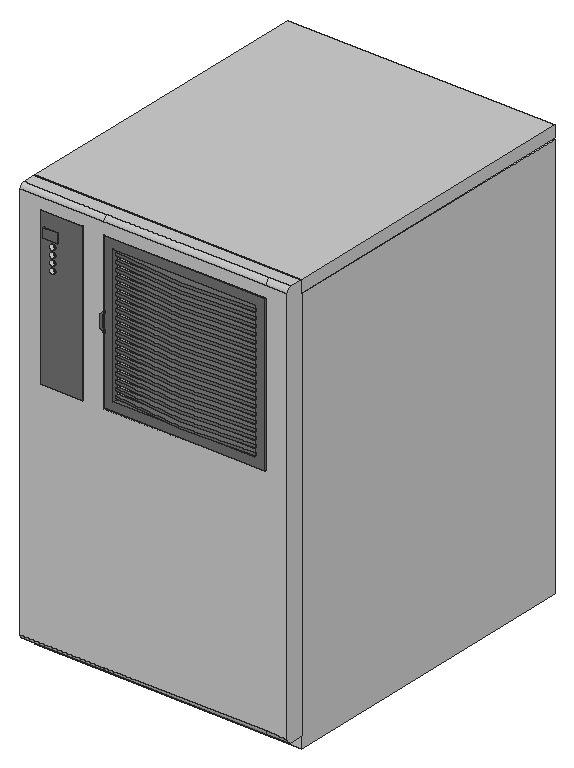
Revit family "QF_HOSHIZAKI_IM-240ANE-21", category Specialty Equipment, Revit 2016
Family settings
  Part Type = Normal
  Round Connector Dimension = Use Diameter
  OmniClass Number = 23.40.40.14
  OmniClass Title = Food Service Equipment
  Work Plane-Based = No
  Always vertical = Yes
  Cut with Voids When Loaded = No
  Shared = No
  Room Calculation Point = No
Parameters (values of type "IM-240ANE-21_230V/1Ph/50Hz")
  Weight = 80.00 kg
  Waste Remarks [instance] = ""
  Volts = 230 V
  URL Cutsheet = ""
  URL = "www.hoshizaki-europe.com"
  Status [instance] = ""
  Specification by User [instance] = ""
  Specification by Manufacturer [instance] = ""
  Serial Number = ""
  Seismic Rating = ""
  SMACNA No = ""
  Revision Code [instance] = ""
  Phase = 1
  Number of Poles = 2
  NAFEM Spec ID Number = ""
  Model = "IM-240ANE-21"
  Min Ckt Ampacity = 0 A
  Max Overcurrent Protection = 0 A
  Masterspec = ""
  Manufacturer = "HOSHIZAKI"
  Length Actual = 560 mm
  Item Number [instance] = ""
  Installed By [instance] = ""
  Indirect Waste Size = 19.05 mm
  Indirect Waste Connection Type [instance] = ""
  Indirect Waste Connection Height [instance] = 40 mm
  Identify Quantity as Lot [instance] = no
  Height Actual = 880 mm
  HP power = ""
  Furnished By [instance] = ""
  Foodservice Equipment Identifier [instance] = yes
  FL Amps = 20 A
  Electric power = 1320 W
  Electric Connection Type [instance] = ""
  Elec Conn RI Height [instance] = 0 mm
  Elec Conn Connection Height [instance] = 770 mm
  Direct Waste RI Height [instance] = 0 mm
  Description = "MODULAR IM ICE MAKER, 240KG PER 24 HOURS, EXTRA SMALL CUBE"
  Depth Actual = 700 mm
  Cycle = 50 Hz
  Cost = 0
  Conn Plug = ""
  Conn Conduit = no
  Cold Water Temperature Recommended = 0 °C
  Cold Water Size = 19.05 mm
  Cold Water Flow = 0.0 L/s
  Cold Water Connection Height [instance] = 415 mm
  CSI MasterFormat = ""
  Assembly Code = "E1090320"
  Apparent Power = 1320 VA
  Accessory = no
Types (2, lengths in mm): name | Volts | Cycle
  IM-240ANE-21_230V/1Ph/50Hz | 230 V | 50 Hz
  IM-240ANE-21_240V/1Ph/60Hz | 240 V | 60 Hz
Reference planes
  plane 1 "Center (Front/Back)": y = 0
  plane 2: z = 0
  plane 3 "Center (Left/Right)": x = 0
Forms (mm)
  Extrusion 1, solid, not visible
    sketch origin (48, -2, 414) x (1, 0, 0) y (0, 1, 0)
      loop
        line (0, 0) -> (2, 0) -> (2, 2) -> (0, 2) -> (0, 0)
    from 0 to 2
  Extrusion 2, solid, not visible
    sketch origin (71, -2, 39) x (1, 0, 0) y (0, 1, 0)
      loop
        line (0, 0) -> (2, 0) -> (2, 2) -> (0, 2) -> (0, 0)
    from 0 to 2
  Extrusion 3, solid, not visible
    sketch origin (31, -17, 769) x (1, 0, 0) y (0, 1, 0)
      loop
        line (0, 0) -> (2, 0) -> (2, 2) -> (0, 2) -> (0, 0)
    from 0 to 2
  Extrusion 4, solid, not visible
    sketch origin (48, -2, 414) x (1, 0, 0) y (0, 1, 0)
      loop
        line (0, 0) -> (2, 0) -> (2, 2) -> (0, 2) -> (0, 0)
    from 0 to 2
  Extrusion 5, solid, not visible
    sketch origin (71, -2, 39) x (1, 0, 0) y (0, 1, 0)
      loop
        line (0, 0) -> (2, 0) -> (2, 2) -> (0, 2) -> (0, 0)
    from 0 to 2
  Extrusion 6, solid, not visible
    sketch origin (31, -17, 769) x (1, 0, 0) y (0, 1, 0)
      loop
        line (0, 0) -> (2, 0) -> (2, 2) -> (0, 2) -> (0, 0)
    from 0 to 2
Dimensions and locks
  aligned and locked: level to plane 2
Nested families
  nested 1: "QF_HOSHIZAKI_IM-240ANE-21_230V_1Ph_50Hz" at (0, 0, 0), type "IM-240ANE-21_230V/1Ph/50Hz"
    with Waste Water Discharge Temperature 0 °C, Status "", Specification by User "", Show Clearance yes, Revision Code "", Plumbing Remarks "", Plumbing Connection Type "", Number of Poles 1, Item Number "", Installed By "", Indirect Waste Connection Type "", Indirect Waste Connection Height 40 mm, Identify Quantity as Lot no, Furnished By "", Foodservice Equipment Identifier yes, Electrical Remarks "", Electric Connection Type "", Elec Conn RI Height 0 mm, Elec Conn Connection Height 770 mm, Conn Conduit no, Cold Water RI Height 415 mm, Cold Water Flow 0.0 L/s, Cold Water Consumption "", Cold Water Connection Height 415 mm
Connectors
  piping at (49, 0, 415), diameter 19.05, driven by "Cold Water Size", driven by "Cold Water Flow"
    settings: on Extrusion 1, index 1, connector inside diameter 609.6 mm, connector length 0 mm, flow factor 0, pipe flow 0.0 L/s, pressure drop 0.0 Pa, fitting loss kfactor 0, connector angle 0.00°, fixture units 0, engagement length 0 mm, angle of deflection 0.00°, flow configuration 1, flow direction 1, fitting loss method 0, system type 20, joint type 0, gender type 0, connector reference index -1, connector utility 0, adjustable connector no, is connector primary yes, connector description "Cold Water connection for 'IM-240ANE-21'"
  piping at (72, 0, 40), diameter 19.05, driven by "Indirect Waste Size"
    settings: on Extrusion 2, index 2, connector inside diameter 609.6 mm, connector length 0 mm, flow factor 0, pipe flow 0.0 L/s, pressure drop 0.0 Pa, fitting loss kfactor 0, connector angle 0.00°, fixture units 0, engagement length 0 mm, angle of deflection 0.00°, flow configuration 1, flow direction 2, fitting loss method 0, system type 16, joint type 0, gender type 0, connector reference index -1, connector utility 0, adjustable connector no, is connector primary no, connector description "Drain connection for 'IM-240ANE-21'"
  electrical at (32, -15, 770), driven by "Apparent Power", driven by "Number of Poles", driven by "Volts"
    settings: on Extrusion 3, index 3, voltage 230 V, apparent load 0 VA, apparent load phase1 1320 VA, apparent load phase2 0 VA, apparent load phase3 0 VA, power factor 1, load classification "Other", number of poles 2, system type 31, power factor state 1, is connector primary yes, connector utility no, sub classification motor no, connector description "Electric connection for 'IM-240ANE-21'"
  piping at (49, 0, 415), diameter 19.05, driven by "Cold Water Size", driven by "Cold Water Flow"
    settings: on Extrusion 4, index 4, connector inside diameter 609.6 mm, connector length 0 mm, flow factor 0, pipe flow 0.0 L/s, pressure drop 0.0 Pa, fitting loss kfactor 0, connector angle 0.00°, fixture units 0, engagement length 0 mm, angle of deflection 0.00°, flow configuration 1, flow direction 1, fitting loss method 0, system type 20, joint type 0, gender type 0, connector reference index -1, connector utility 0, adjustable connector no, is connector primary no, connector description "Cold Water connection for 'IM-240ANE-21'"
  piping at (72, 0, 40), diameter 19.05, driven by "Indirect Waste Size"
    settings: on Extrusion 5, index 5, connector inside diameter 609.6 mm, connector length 0 mm, flow factor 0, pipe flow 0.0 L/s, pressure drop 0.0 Pa, fitting loss kfactor 0, connector angle 0.00°, fixture units 0, engagement length 0 mm, angle of deflection 0.00°, flow configuration 1, flow direction 2, fitting loss method 0, system type 16, joint type 0, gender type 0, connector reference index -1, connector utility 0, adjustable connector no, is connector primary no, connector description "Drain connection for 'IM-240ANE-21'"
  electrical at (32, -15, 770), driven by "Apparent Power", driven by "Number of Poles", driven by "Volts"
    settings: on Extrusion 6, index 6, voltage 230 V, apparent load 0 VA, apparent load phase1 1320 VA, apparent load phase2 0 VA, apparent load phase3 0 VA, power factor 1, load classification "Other", number of poles 2, system type 31, power factor state 1, is connector primary no, connector utility no, sub classification motor no, connector description "Electric connection for 'IM-240ANE-21'"
Definition of nested family "QF_HOSHIZAKI_IM-240ANE-21_230V_1Ph_50Hz"
  Parameters (values of type "IM-240ANE-21_230V/1Ph/50Hz")
    Weight in Pounds = 176.3696
    Electric power = 1320 W
    Waste Water Discharge Temperature [instance] = 0 °C
    Volts = 230 V
    URL Cutsheet = "www.hoshizaki-europe.com"
    URL = "www.hoshizaki-europe.com"
    Status [instance] = ""
    Specification by User [instance] = ""
    Specification by Manufacturer = ""
    Show Clearance [instance] = yes
    Serial Number = ""
    Seismic Rating = ""
    SMACNA No = ""
    Revision Code [instance] = ""
    Plumbing Remarks [instance] = ""
    Plumbing Connection Type [instance] = ""
    Phase = 1
    Number of Poles [instance] = 1
    NAFEM Spec ID Number = ""
    Model = "IM-240ANE-21"
    Min Ckt Ampacity = 0 A
    Max Overcurrent Protection = 0 A
    Masterspec = ""
    Manufacturer = "HOSHIZAKI"
    Item Number [instance] = ""
    Installed By [instance] = ""
    Indirect Waste Size = 19.05 mm
    Indirect Waste Flow = 0.0 L/s
    Indirect Waste Connection Type [instance] = ""
    Indirect Waste Connection Height [instance] = 40 mm
    Identify Quantity as Lot [instance] = no
    HP power = "1.770146400000"
    Furnished By [instance] = ""
    Foodservice Equipment Identifier [instance] = yes
    FL Amps = 20 A
    Electrical Remarks [instance] = ""
    Electric Connection Type [instance] = ""
    Elec Conn RI Height [instance] = 0 mm
    Elec Conn Connection Height [instance] = 770 mm
    Description = "MODULAR IM ICE MAKER, 240KG PER 24 HOURS, EXTRA SMALL CUBE"
    Cycle = 50 Hz
    Conn Plug = ""
    Conn Conduit [instance] = no
    Cold Water Temperature Recommended = 35 °C
    Cold Water Size = 19.05 mm
    Cold Water RI Height [instance] = 415 mm
    Cold Water Minimum Pressure = 70000.0 Pa
    Cold Water Maximum Pressure = 780000.0 Pa
    Cold Water Flow [instance] = 0.0 L/s
    Cold Water Consumption [instance] = ""
    Cold Water Connection Height [instance] = 415 mm
    CSI MasterFormat = ""
    Assembly Code = "E1090320"
    Apparent Power = 1320 VA
  Types (12, lengths in mm): name | Weight in Pounds | Electric power | Phase | Model | Indirect Waste Size | Indirect Waste Connection Height | Identify Quantity as Lot | HP power | Elec Conn Connection Height | Description | Conn Conduit | Cold Water Size | Cold Water RI Height | Cold Water Connection Height | Apparent Power
    (no name) | 0 | 0 W | 0 | "" | 0 | 0 | yes | "" | 0 | "" | yes | 0 | 0 | 0 | 0 VA
    IM-130ANE-HC | 149.9142 | 630 W | 1 | "IM-130ANE-HC" | 19.05 | 40 | no | "0.844842600000" | 770 | "EMERALD CLASS IM HYDROCARBON ICE MAKER, 125KG PER 24 HOURS, LARGE CUBE, MODULAR" | no | 12.7 | 415 | 415 | 630 VA
    IM-130ANE-HC-23 | 149.9142 | 630 W | 1 | "IM-130ANE-HC-23" | 19.05 | 40 | no | "0.844842600000" | 770 | "EMERALD CLASS IM HYDROCARBON ICE MAKER, 125KG PER 24 HOURS, MEDIUM CUBE, MODULAR" | no | 12.7 | 415 | 415 | 630 VA
    IM-240ANE-HC | 171.9604 | 930 W | 1 | "IM-240ANE-HC" | 19.05 | 40 | no | "1.247148600000" | 770 | "EMERALD CLASS IM HYDROCARBON ICE MAKER, 235KG PER 24 HOURS, LARGE CUBE, MODULAR" | no | 19.05 | 415 | 415 | 930 VA
    IM-240ANE-HC-21 | 171.9604 | 930 W | 1 | "IM-240ANE-HC-21" | 19.05 | 40 | no | "1.247148600000" | 770 | "EMERALD CLASS IM HYDROCARBON ICE MAKER, 235KG PER 24 HOURS, EXTRA SMALL CUBE, MODULAR" | no | 19.05 | 415 | 415 | 930 VA
    IM-240ANE-HC-23 | 171.9604 | 930 W | 1 | "IM-240ANE-HC-23" | 19.05 | 40 | no | "1.247148600000" | 770 | "EMERALD CLASS IM HYDROCARBON ICE MAKER, 235KG PER 24 HOURS, MEDIUM CUBE, MODULAR" | no | 19.05 | 415 | 415 | 930 VA
    IM-240ANE-HC-32 | 171.9604 | 930 W | 1 | "IM-240ANE-HC-32" | 19.05 | 40 | no | "1.247148600000" | 770 | "EMERALD CLASS IM HYDROCARBON ICE MAKER, 235KG PER 24 HOURS, EXTRA LARGE CUBE, MODULAR" | no | 19.05 | 415 | 415 | 930 VA
    IM-240ANE | 176.3696 | 1320 W | 1 | "IM-240ANE" | 19.05 | 40 | no | "1.770146400000" | 770 | "MODULAR IM ICE MAKER, 240KG PER 24 HOURS, LARGE CUBE" | no | 19.05 | 415 | 415 | 1320 VA
    IM-240ANE-21_230V/1Ph/50Hz | 176.3696 | 1320 W | 1 | "IM-240ANE-21" | 19.05 | 40 | no | "1.770146400000" | 770 | "MODULAR IM ICE MAKER, 240KG PER 24 HOURS, EXTRA SMALL CUBE" | no | 19.05 | 415 | 415 | 1320 VA
    IM-240ANE-23 | 176.3696 | 1320 W | 1 | "IM-240ANE-23" | 19.05 | 40 | no | "1.770146400000" | 770 | "MODULAR IM ICE MAKER, 240KG PER 24 HOURS, MEDIUM CUBE" | no | 19.05 | 415 | 415 | 1320 VA
    IM-240AWNE | 176.3696 | 1320 W | 1 | "IM-240AWNE" | 19.05 | 40 | no | "1.770146400000" | 770 | "MODULAR IM ICE MAKER, 240KG PER 24 HOURS, LARGE CUBE, WATER COOLED" | no | 19.05 | 415 | 415 | 1320 VA
    IM-240AWNE-23 | 176.3696 | 1320 W | 1 | "IM-240AWNE-23" | 19.05 | 40 | no | "1.770146400000" | 770 | "MODULAR IM ICE MAKER, 240KG PER 24 HOURS, MEDIUM CUBE, WATER COOLED" | no | 19.05 | 415 | 415 | 1320 VA
  Values of the unnamed type that differ from the named types
    Waste Water Discharge Temperature = -273.15 °C
    Volts = 0 V
    URL Cutsheet = ""
    URL = ""
    Manufacturer = ""
    FL Amps = 0 A
    Cycle = 0 Hz
    Cold Water Temperature Recommended = -273.15 °C
    Cold Water Minimum Pressure = 0.0 Pa
    Cold Water Maximum Pressure = 0.0 Pa
  Reference planes
    plane 1 "Back": y = 0
    plane 2: z = 0
    plane 3 "Left": x = 0
    plane 4 "Right": x = 560
    plane 5 "Front": y = -700
    plane 6 "Top": z = 880
  Forms (mm)
    Extrusion 1, solid
      sketch origin (0, 0, 40) x (0, 1, 0) y (0, 0, 1)
        loop
          line (0, -40) -> (0, 813) -> (-663, 813) -> (-663, -40) -> (0, -40)
      from 0 to 560
    Extrusion 2, solid
      sketch origin (-357.75, -249, 573) x (0, 1, 0) y (0, 0, 1)
        loop
          line (-414, -550) -> (-414, 307) -> (-441, 307)
          arc (-441, 307) -> (-448.071, 304.071) -> (-451, 297) r 10
          line (-451, 297) -> (-451, -540)
          arc (-451, -540) -> (-448.071, -547.071) -> (-441, -550) r 10
          line (-441, -550) -> (-414, -550)
      from 533.75 to 357.75
    Extrusion 3, solid
      sketch origin (0, 0, 185) x (0, 1, 0) y (0, 0, 1)
        loop
          line (-663, 695) -> (-663, 670) -> (0, 670) -> (0, 695) -> (-663, 695)
      from 560 to 0
    Extrusion 4, solid
      sketch origin (-59.168, -700, 607.328) x (1, 0, 0) y (0, 0, 1)
        loop
          line (103.168, 239.672) -> (103.168, -87.328) -> (191.168, -87.328) -> (191.168, 239.672) -> (103.168, 239.672)
      from 0 to 2
    Extrusion 5, solid
      sketch origin (-184.608, -702, 607.328) x (1, 0, 0) y (0, 0, 1)
        loop
          line (235.856, 210.572) -> (235.856, 190.572) -> (265.856, 190.572) -> (265.856, 210.572) -> (235.856, 210.572)
      from 0 to 2
    Extrusion 6, solid
      sketch origin (-177.859, -702, 607.328) x (1, 0, 0) y (0, 0, 1)
        loop
          circle (248.239, 179.635) r 5
        loop
          circle (248.239, 164.635) r 5
        loop
          circle (248.239, 149.635) r 5
        loop
          circle (248.239, 134.635) r 5
      from 0 to 2
    Extrusion 7, solid
      sketch origin (205.924, 29, 647) x (0, 1, 0) y (0, 0, 1)
        loop
          line (-29, 123) -> (16, 123) -> (16, 164.349) -> (0, 192.062) -> (0, 206) -> (-29, 206) -> (-29, 123)
      from -147.876 to -200
    Extrusion 8, solid
      sketch origin (72, 33, 40) x (1, 0, 0) y (0, 0, 1)
        loop
          circle (0, 0) r 14
        loop
          circle (0, 0) r 12
      from 0 to 33
    Extrusion 9, solid
      sketch origin (49, 33, 415) x (1, 0, 0) y (0, 0, 1)
        loop
          circle (0, 0) r 14
        loop
          circle (0, 0) r 12
      from 4 to 33
    Extrusion 10, solid
      sketch origin (516, -249, 573) x (0, 1, 0) y (0, 0, 1)
        loop
          line (-414, -550) -> (-414, 307) -> (-441, 307)
          arc (-441, 307) -> (-448.071, 304.071) -> (-451, 297) r 10
          line (-451, 297) -> (-451, -540)
          arc (-451, -540) -> (-448.071, -547.071) -> (-441, -550) r 10
          line (-441, -550) -> (-414, -550)
      from 0 to 44
    Extrusion 11, solid
      sketch origin (176, -249, 573) x (0, 1, 0) y (0, 0, 1)
        loop
          line (-414, -550) -> (-414, -53) -> (-451, -53) -> (-451, -540)
          arc (-451, -540) -> (-448.071, -547.071) -> (-441, -550) r 10
          line (-441, -550) -> (-414, -550)
        loop
          line (-451, 297) -> (-451, 274) -> (-414, 274) -> (-414, 307) -> (-441, 307)
          arc (-441, 307) -> (-448.071, 304.071) -> (-451, 297) r 10
      from 0 to 340
    Extrusion 12, solid
      sketch origin (60.75, -852, 508) x (1, 0, 0) y (0, 0, 1)
        loop
          line (117.25, 337) -> (117.25, 14) -> (453.25, 14) -> (453.25, 337) -> (117.25, 337)
        loop
          line (135.25, 319) -> (135.25, 32) -> (435.25, 32) -> (435.25, 319) -> (135.25, 319)
      from -150 to -160
    Extrusion 13, solid
      sketch origin (60.75, -249, 650) x (1, 0, 0) y (0, 1, 0)
        loop
          line (135.25, -443) -> (135.25, -448.703)
          arc (135.25, -448.703) -> (285.097, -461.54) -> (435.25, -453) r 1057.927
          line (435.25, -453) -> (435.25, -443) -> (135.25, -443)
      from 0 to 5
    Extrusion 14, solid
      sketch origin (60.75, -249, 665) x (1, 0, 0) y (0, 1, 0)
        loop
          line (135.25, -443) -> (135.25, -448.703)
          arc (135.25, -448.703) -> (285.097, -461.54) -> (435.25, -453) r 1057.927
          line (435.25, -453) -> (435.25, -443) -> (135.25, -443)
      from 0 to 5
    Extrusion 15, solid
      sketch origin (60.75, -249, 680) x (1, 0, 0) y (0, 1, 0)
        loop
          line (135.25, -443) -> (135.25, -448.703)
          arc (135.25, -448.703) -> (285.097, -461.54) -> (435.25, -453) r 1057.927
          line (435.25, -453) -> (435.25, -443) -> (135.25, -443)
      from 0 to 5
    Extrusion 16, solid
      sketch origin (60.75, -249, 695) x (1, 0, 0) y (0, 1, 0)
        loop
          line (135.25, -443) -> (135.25, -448.703)
          arc (135.25, -448.703) -> (285.097, -461.54) -> (435.25, -453) r 1057.927
          line (435.25, -453) -> (435.25, -443) -> (135.25, -443)
      from 0 to 5
    Extrusion 17, solid
      sketch origin (60.75, -249, 710) x (1, 0, 0) y (0, 1, 0)
        loop
          line (135.25, -443) -> (135.25, -448.703)
          arc (135.25, -448.703) -> (285.097, -461.54) -> (435.25, -453) r 1057.927
          line (435.25, -453) -> (435.25, -443) -> (135.25, -443)
      from 0 to 5
    Extrusion 18, solid
      sketch origin (60.75, -249, 725) x (1, 0, 0) y (0, 1, 0)
        loop
          line (135.25, -443) -> (135.25, -448.703)
          arc (135.25, -448.703) -> (285.097, -461.54) -> (435.25, -453) r 1057.927
          line (435.25, -453) -> (435.25, -443) -> (135.25, -443)
      from 0 to 5
    Extrusion 19, solid
      sketch origin (60.75, -249, 740) x (1, 0, 0) y (0, 1, 0)
        loop
          line (135.25, -443) -> (135.25, -448.703)
          arc (135.25, -448.703) -> (285.097, -461.54) -> (435.25, -453) r 1057.927
          line (435.25, -453) -> (435.25, -443) -> (135.25, -443)
      from 0 to 5
    Extrusion 20, solid
      sketch origin (60.75, -249, 755) x (1, 0, 0) y (0, 1, 0)
        loop
          line (135.25, -443) -> (135.25, -448.703)
          arc (135.25, -448.703) -> (285.097, -461.54) -> (435.25, -453) r 1057.927
          line (435.25, -453) -> (435.25, -443) -> (135.25, -443)
      from 0 to 5
    Extrusion 21, solid
      sketch origin (60.75, -249, 770) x (1, 0, 0) y (0, 1, 0)
        loop
          line (135.25, -443) -> (135.25, -448.703)
          arc (135.25, -448.703) -> (285.097, -461.54) -> (435.25, -453) r 1057.927
          line (435.25, -453) -> (435.25, -443) -> (135.25, -443)
      from 0 to 5
    Extrusion 22, solid
      sketch origin (60.75, -249, 785) x (1, 0, 0) y (0, 1, 0)
        loop
          line (135.25, -443) -> (135.25, -448.703)
          arc (135.25, -448.703) -> (285.097, -461.54) -> (435.25, -453) r 1057.927
          line (435.25, -453) -> (435.25, -443) -> (135.25, -443)
      from 0 to 5
    Extrusion 23, solid
      sketch origin (60.75, -249, 800) x (1, 0, 0) y (0, 1, 0)
        loop
          line (135.25, -443) -> (135.25, -448.703)
          arc (135.25, -448.703) -> (285.097, -461.54) -> (435.25, -453) r 1057.927
          line (435.25, -453) -> (435.25, -443) -> (135.25, -443)
      from 0 to 5
    Extrusion 24, solid
      sketch origin (60.75, -249, 815) x (1, 0, 0) y (0, 1, 0)
        loop
          line (135.25, -443) -> (135.25, -448.703)
          arc (135.25, -448.703) -> (285.097, -461.54) -> (435.25, -453) r 1057.927
          line (435.25, -453) -> (435.25, -443) -> (135.25, -443)
      from 0 to 5
    Extrusion 25, solid
      sketch origin (30.75, -900, 451.571) x (1, 0, 0) y (0, 0, 1)
        loop
          line (147.25, 254) -> (138.179, 244.929) -> (138.179, 218.929) -> (147.25, 209.858) -> (147.25, 216.929) -> (143.179, 221) -> (143.179, 242.858) -> (147.25, 246.929) -> (147.25, 254)
      from -198 to -200
    Extrusion 26, solid
      sketch origin (60.75, -249, 590) x (1, 0, 0) y (0, 1, 0)
        loop
          line (135.25, -443) -> (135.25, -448.703)
          arc (135.25, -448.703) -> (285.097, -461.54) -> (435.25, -453) r 1057.927
          line (435.25, -453) -> (435.25, -443) -> (135.25, -443)
      from 0 to 5
    Extrusion 27, solid
      sketch origin (60.75, -249, 605) x (1, 0, 0) y (0, 1, 0)
        loop
          line (135.25, -443) -> (135.25, -448.703)
          arc (135.25, -448.703) -> (285.097, -461.54) -> (435.25, -453) r 1057.927
          line (435.25, -453) -> (435.25, -443) -> (135.25, -443)
      from 0 to 5
    Extrusion 28, solid
      sketch origin (60.75, -249, 620) x (1, 0, 0) y (0, 1, 0)
        loop
          line (135.25, -443) -> (135.25, -448.703)
          arc (135.25, -448.703) -> (285.097, -461.54) -> (435.25, -453) r 1057.927
          line (435.25, -453) -> (435.25, -443) -> (135.25, -443)
      from 0 to 5
    Extrusion 29, solid
      sketch origin (60.75, -249, 635) x (1, 0, 0) y (0, 1, 0)
        loop
          line (135.25, -443) -> (135.25, -448.703)
          arc (135.25, -448.703) -> (285.097, -461.54) -> (435.25, -453) r 1057.927
          line (435.25, -453) -> (435.25, -443) -> (135.25, -443)
      from 0 to 5
    Extrusion 30, solid
      sketch origin (60.75, -249, 545) x (1, 0, 0) y (0, 1, 0)
        loop
          line (135.25, -443) -> (135.25, -448.703)
          arc (135.25, -448.703) -> (285.097, -461.54) -> (435.25, -453) r 1057.927
          line (435.25, -453) -> (435.25, -443) -> (135.25, -443)
      from 0 to 5
    Extrusion 31, solid
      sketch origin (60.75, -249, 560) x (1, 0, 0) y (0, 1, 0)
        loop
          line (135.25, -443) -> (135.25, -448.703)
          arc (135.25, -448.703) -> (285.097, -461.54) -> (435.25, -453) r 1057.927
          line (435.25, -453) -> (435.25, -443) -> (135.25, -443)
      from 0 to 5
    Extrusion 32, solid
      sketch origin (60.75, -249, 575) x (1, 0, 0) y (0, 1, 0)
        loop
          line (135.25, -443) -> (135.25, -448.703)
          arc (135.25, -448.703) -> (285.097, -461.54) -> (435.25, -453) r 1057.927
          line (435.25, -453) -> (435.25, -443) -> (135.25, -443)
      from 0 to 5
  Cuts and joins
    joined: Extrusion 2, Extrusion 10, Extrusion 11
  Lines and regions (mm)
    symbolic lines
      curve 1: line (0, 0, 0) -> (560, 0, 0)
      curve 2: line (0, -700, 0) -> (0, 0, 0)
      curve 3: line (560, -700, 0) -> (0, -700, 0)
      curve 4: line (560, 0, 0) -> (560, -700, 0)
      curve 5: line (5.924, 0, 0) -> (5.924, 45, 0)
      curve 6: line (58.048, 45, 0) -> (58.048, 0, 0)
      curve 7: line (0, -663, 0) -> (560, -663, 0)
      curve 8: line (5.924, 45, 0) -> (58.048, 45, 0)
      curve 9: line (58.048, 33, 0) -> (86, 33, 0)
      curve 10: line (86, 33, 0) -> (86, 0, 0)
  Dimensions and locks
    aligned and locked: level to plane 2
    aligned and locked: Extrusion 4 sketch curve to Extrusion 4 sketch curve
  Connectors
    piping at (72, 33, 40), diameter 19.05, driven by "Indirect Waste Size", driven by "Indirect Waste Flow"
      settings: on Extrusion 8, index 1, connector inside diameter 609.6 mm, connector length 0 mm, flow factor 0, pipe flow 0.0 L/s, pressure drop 0.0 Pa, fitting loss kfactor 0, connector angle 0.00°, fixture units 0, engagement length 0 mm, angle of deflection 0.00°, flow configuration 1, flow direction 2, fitting loss method 0, system type 16, joint type 0, gender type 0, connector reference index -1, connector utility 0, adjustable connector no, is connector primary yes, connector description "Indirect Waste Connection"
    electrical at (31.986, 22.5, 770), driven by "Apparent Power", driven by "Volts", driven by "Number of Poles"
      settings: on Extrusion 7, index 2, voltage 230 V, apparent load 0 VA, apparent load phase1 1320 VA, apparent load phase2 0 VA, apparent load phase3 0 VA, power factor 1, load classification none, number of poles 1, system type 31, power factor state 1, is connector primary yes, connector utility no, sub classification motor no, connector description "Electrical connection"
    piping at (49, 29, 415), diameter 19.05, driven by "Cold Water Size", driven by "Cold Water Flow"
      settings: on Extrusion 9, index 3, connector inside diameter 609.6 mm, connector length 0 mm, flow factor 0, pipe flow 0.0 L/s, pressure drop 0.0 Pa, fitting loss kfactor 0, connector angle 0.00°, fixture units 0, engagement length 0 mm, angle of deflection 0.00°, flow configuration 1, flow direction 1, fitting loss method 0, system type 20, joint type 0, gender type 0, connector reference index -1, connector utility 0, adjustable connector no, is connector primary no, connector description "Cold Water onnection"
